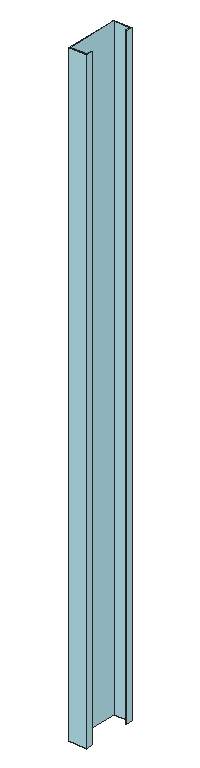
Revit family "90補強材×1.6", category 機械設備, Revit 2020
Family settings
  丸型コネクタ寸法 = 直径を使用
  種別 = なし
  パーツ タイプ = 標準
  作業面ベース = いいえ
  常に垂直 = はい
  ロード時にボイドで切り取り = いいえ
  共有 = いいえ
  部屋計算ポイント = いいえ
Parameters
  製造元 = "株式会社桐井製作所"
  既定の高さ = 0 mm
  URL = "https://www.kirii.co.jp/"
  K_長さ(mm) [instance] = 1000 mm
  K_材質 = "SGCC一般用・SGC340~570高強度一般用・SGH340~570高強度一般用"
  K_外形寸法(mm) = "90×30×10×1.6"
  K_品名 = "90補強材×1.6"
  K_名称 = "補強材"
  K_バージョン情報 = "20210524"
  K_めっき付着量 = "Z12"
  K_JIS規格 = "JIS G 3302"
Reference planes
  plane 1 "中心(正面/背面)": y = 0
  plane 2: z = 0
  plane 3 "中心(左/右)": x = 0
  plane 4: z = 1000
  plane 5: y = 90
Forms (mm)
  Extrusion 1, solid
    sketch origin (0, 0, 0) x (1, 0, 0) y (0, 1, 0)
      loop
        line (0, 0) -> (30, 0) -> (30, 10) -> (28.4, 10) -> (28.4, 1.6) -> (1.6, 1.6) -> (1.6, 88.4) -> (28.4, 88.4) -> (28.4, 80) -> (30, 80) -> (30, 90) -> (0, 90) -> (0, 0)
    from 0 to 1000
Dimensions and locks
  "K_長さ(mm)": plane 4 to plane 2
  aligned and locked: level to plane 2
  aligned and locked: plane 4 to Extrusion 1
  aligned and locked: plane 5 to Extrusion 1  (x2)
Automatic sketch dimensions
  Extrusion 1 sketch curve to plane 3 "中心(左/右)" = 0 mm
  plane 1 "中心(正面/背面)" to Extrusion 1 sketch curve = 0 mm
  Extrusion 1 sketch curve to plane 5 = 0 mm
  plane 3 "中心(左/右)" to Extrusion 1 sketch curve = 1.6 mm
  Extrusion 1 sketch curve to plane 1 "中心(正面/背面)" = 10 mm
  Extrusion 1 sketch curve to Extrusion 1 sketch curve = 26.8 mm  (x2)
  Extrusion 1 sketch curve to plane 5 = 10 mm
  Extrusion 1 sketch curve to Extrusion 1 sketch curve = 1.6 mm  (x2)
  Extrusion 1 sketch curve to plane 1 "中心(正面/背面)" = 1.6 mm
  Extrusion 1 sketch curve to plane 5 = 1.6 mm
